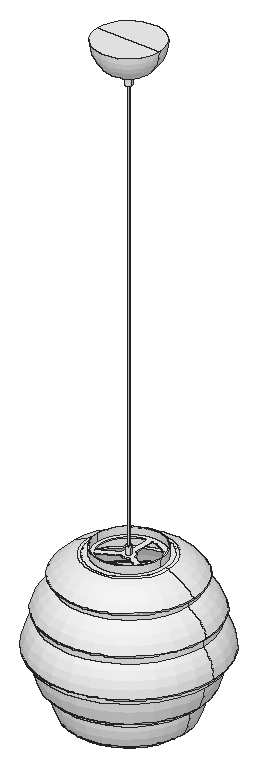
Revit family "Artek_Lighting_Pendant Light A331 “Beehive“_A331 Beehive_quick_ship", category Lighting Fixtures, Revit 2018 (continued)
Definition of nested family "A331"
  Lines and regions (mm)
    symbolic lines, detail levels fine
      curve 336: spline (18.353, 0, 175.573) -> (18.021, 0, 175.776) -> (17.71, 0, 176.373) -> (17.444, 0, 177.322) -> (17.24, 0, 178.559) -> (17.111, 0, 179.999) -> (17.068, 0, 181.545) -> (17.111, 0, 183.091) -> (17.24, 0, 184.532) -> (17.444, 0, 185.769) -> (17.71, 0, 186.718) -> (18.021, 0, 187.314) -> (18.353, 0, 187.518) -> (18.686, 0, 187.314) -> (18.996, 0, 186.718) -> (19.262, 0, 185.769) -> (19.467, 0, 184.532) -> (19.595, 0, 183.091) -> (19.639, 0, 181.545) -> (19.595, 0, 179.999) -> (19.467, 0, 178.559) -> (19.262, 0, 177.322) -> (18.996, 0, 176.373) -> (18.686, 0, 175.776) -> (18.353, 0, 175.573)
      curve 337: spline (14.282, 0, 175.573) -> (13.949, 0, 175.776) -> (13.639, 0, 176.373) -> (13.373, 0, 177.322) -> (13.168, 0, 178.559) -> (13.04, 0, 179.999) -> (12.996, 0, 181.545) -> (13.04, 0, 183.091) -> (13.168, 0, 184.532) -> (13.373, 0, 185.769) -> (13.639, 0, 186.718) -> (13.949, 0, 187.314) -> (14.282, 0, 187.518) -> (14.615, 0, 187.314) -> (14.925, 0, 186.718) -> (15.191, 0, 185.769) -> (15.395, 0, 184.532) -> (15.524, 0, 183.091) -> (15.568, 0, 181.545) -> (15.524, 0, 179.999) -> (15.395, 0, 178.559) -> (15.191, 0, 177.322) -> (14.925, 0, 176.373) -> (14.615, 0, 175.776) -> (14.282, 0, 175.573)
      curve 338: spline (10.21, 0, 175.573) -> (9.877, 0, 175.776) -> (9.567, 0, 176.373) -> (9.301, 0, 177.322) -> (9.097, 0, 178.559) -> (8.968, 0, 179.999) -> (8.924, 0, 181.545) -> (8.968, 0, 183.091) -> (9.097, 0, 184.532) -> (9.301, 0, 185.769) -> (9.567, 0, 186.718) -> (9.877, 0, 187.314) -> (10.21, 0, 187.518) -> (10.543, 0, 187.314) -> (10.853, 0, 186.718) -> (11.119, 0, 185.769) -> (11.324, 0, 184.532) -> (11.452, 0, 183.091) -> (11.496, 0, 181.545) -> (11.452, 0, 179.999) -> (11.324, 0, 178.559) -> (11.119, 0, 177.322) -> (10.853, 0, 176.373) -> (10.543, 0, 175.776) -> (10.21, 0, 175.573)
      curve 339: spline (6.139, 0, 175.573) -> (5.806, 0, 175.776) -> (5.496, 0, 176.373) -> (5.229, 0, 177.322) -> (5.025, 0, 178.559) -> (4.897, 0, 179.999) -> (4.853, 0, 181.545) -> (4.897, 0, 183.091) -> (5.025, 0, 184.532) -> (5.229, 0, 185.769) -> (5.496, 0, 186.718) -> (5.806, 0, 187.314) -> (6.139, 0, 187.518) -> (6.471, 0, 187.314) -> (6.782, 0, 186.718) -> (7.048, 0, 185.769) -> (7.252, 0, 184.532) -> (7.381, 0, 183.091) -> (7.424, 0, 181.545) -> (7.381, 0, 179.999) -> (7.252, 0, 178.559) -> (7.048, 0, 177.322) -> (6.782, 0, 176.373) -> (6.471, 0, 175.776) -> (6.139, 0, 175.573)
      curve 340: spline (2.067, 0, 175.573) -> (1.734, 0, 175.776) -> (1.424, 0, 176.373) -> (1.158, 0, 177.322) -> (0.954, 0, 178.559) -> (0.825, 0, 179.999) -> (0.781, 0, 181.545) -> (0.825, 0, 183.091) -> (0.954, 0, 184.532) -> (1.158, 0, 185.769) -> (1.424, 0, 186.718) -> (1.734, 0, 187.314) -> (2.067, 0, 187.518) -> (2.4, 0, 187.314) -> (2.71, 0, 186.718) -> (2.976, 0, 185.769) -> (3.181, 0, 184.532) -> (3.309, 0, 183.091) -> (3.353, 0, 181.545) -> (3.309, 0, 179.999) -> (3.181, 0, 178.559) -> (2.976, 0, 177.322) -> (2.71, 0, 176.373) -> (2.4, 0, 175.776) -> (2.067, 0, 175.573)
      curve 341: spline (-152.628, 0, 109.007) -> (-152.295, 0, 109.21) -> (-151.985, 0, 109.807) -> (-151.719, 0, 110.756) -> (-151.514, 0, 111.993) -> (-151.386, 0, 113.434) -> (-151.342, 0, 114.979) -> (-151.386, 0, 116.525) -> (-151.514, 0, 117.966) -> (-151.719, 0, 119.203) -> (-151.985, 0, 120.152) -> (-152.295, 0, 120.749) -> (-152.628, 0, 120.952) -> (-152.961, 0, 120.749) -> (-153.271, 0, 120.152) -> (-153.537, 0, 119.203) -> (-153.741, 0, 117.966) -> (-153.87, 0, 116.525) -> (-153.914, 0, 114.979) -> (-153.87, 0, 113.434) -> (-153.741, 0, 111.993) -> (-153.537, 0, 110.756) -> (-153.271, 0, 109.807) -> (-152.961, 0, 109.21) -> (-152.628, 0, 109.007)
      curve 342: spline (-148.556, 0, 109.007) -> (-148.224, 0, 109.21) -> (-147.914, 0, 109.807) -> (-147.647, 0, 110.756) -> (-147.443, 0, 111.993) -> (-147.314, 0, 113.434) -> (-147.271, 0, 114.979) -> (-147.314, 0, 116.525) -> (-147.443, 0, 117.966) -> (-147.647, 0, 119.203) -> (-147.914, 0, 120.152) -> (-148.224, 0, 120.749) -> (-148.556, 0, 120.952) -> (-148.889, 0, 120.749) -> (-149.199, 0, 120.152) -> (-149.466, 0, 119.203) -> (-149.67, 0, 117.966) -> (-149.798, 0, 116.525) -> (-149.842, 0, 114.979) -> (-149.798, 0, 113.434) -> (-149.67, 0, 111.993) -> (-149.466, 0, 110.756) -> (-149.199, 0, 109.807) -> (-148.889, 0, 109.21) -> (-148.556, 0, 109.007)
      curve 343: spline (-144.485, 0, 109.007) -> (-144.152, 0, 109.21) -> (-143.842, 0, 109.807) -> (-143.576, 0, 110.756) -> (-143.371, 0, 111.993) -> (-143.243, 0, 113.434) -> (-143.199, 0, 114.979) -> (-143.243, 0, 116.525) -> (-143.371, 0, 117.966) -> (-143.576, 0, 119.203) -> (-143.842, 0, 120.152) -> (-144.152, 0, 120.749) -> (-144.485, 0, 120.952) -> (-144.818, 0, 120.749) -> (-145.128, 0, 120.152) -> (-145.394, 0, 119.203) -> (-145.598, 0, 117.966) -> (-145.727, 0, 116.525) -> (-145.771, 0, 114.979) -> (-145.727, 0, 113.434) -> (-145.598, 0, 111.993) -> (-145.394, 0, 110.756) -> (-145.128, 0, 109.807) -> (-144.818, 0, 109.21) -> (-144.485, 0, 109.007)
      curve 344: spline (-140.413, 0, 109.007) -> (-140.08, 0, 109.21) -> (-139.77, 0, 109.807) -> (-139.504, 0, 110.756) -> (-139.3, 0, 111.993) -> (-139.171, 0, 113.434) -> (-139.128, 0, 114.979) -> (-139.171, 0, 116.525) -> (-139.3, 0, 117.966) -> (-139.504, 0, 119.203) -> (-139.77, 0, 120.152) -> (-140.08, 0, 120.749) -> (-140.413, 0, 120.952) -> (-140.746, 0, 120.749) -> (-141.056, 0, 120.152) -> (-141.322, 0, 119.203) -> (-141.527, 0, 117.966) -> (-141.655, 0, 116.525) -> (-141.699, 0, 114.979) -> (-141.655, 0, 113.434) -> (-141.527, 0, 111.993) -> (-141.322, 0, 110.756) -> (-141.056, 0, 109.807) -> (-140.746, 0, 109.21) -> (-140.413, 0, 109.007)
      curve 345: spline (-136.342, 0, 109.007) -> (-136.009, 0, 109.21) -> (-135.699, 0, 109.807) -> (-135.433, 0, 110.756) -> (-135.228, 0, 111.993) -> (-135.1, 0, 113.434) -> (-135.056, 0, 114.979) -> (-135.1, 0, 116.525) -> (-135.228, 0, 117.966) -> (-135.433, 0, 119.203) -> (-135.699, 0, 120.152) -> (-136.009, 0, 120.749) -> (-136.342, 0, 120.952) -> (-136.675, 0, 120.749) -> (-136.985, 0, 120.152) -> (-137.251, 0, 119.203) -> (-137.455, 0, 117.966) -> (-137.584, 0, 116.525) -> (-137.628, 0, 114.979) -> (-137.584, 0, 113.434) -> (-137.455, 0, 111.993) -> (-137.251, 0, 110.756) -> (-136.985, 0, 109.807) -> (-136.675, 0, 109.21) -> (-136.342, 0, 109.007)
      curve 346: spline (-132.27, 0, 109.007) -> (-131.937, 0, 109.21) -> (-131.627, 0, 109.807) -> (-131.361, 0, 110.756) -> (-131.157, 0, 111.993) -> (-131.028, 0, 113.434) -> (-130.984, 0, 114.979) -> (-131.028, 0, 116.525) -> (-131.157, 0, 117.966) -> (-131.361, 0, 119.203) -> (-131.627, 0, 120.152) -> (-131.937, 0, 120.749) -> (-132.27, 0, 120.952) -> (-132.603, 0, 120.749) -> (-132.913, 0, 120.152) -> (-133.179, 0, 119.203) -> (-133.384, 0, 117.966) -> (-133.512, 0, 116.525) -> (-133.556, 0, 114.979) -> (-133.512, 0, 113.434) -> (-133.384, 0, 111.993) -> (-133.179, 0, 110.756) -> (-132.913, 0, 109.807) -> (-132.603, 0, 109.21) -> (-132.27, 0, 109.007)
      curve 347: spline (-128.199, 0, 109.007) -> (-127.866, 0, 109.21) -> (-127.556, 0, 109.807) -> (-127.289, 0, 110.756) -> (-127.085, 0, 111.993) -> (-126.957, 0, 113.434) -> (-126.913, 0, 114.979) -> (-126.957, 0, 116.525) -> (-127.085, 0, 117.966) -> (-127.289, 0, 119.203) -> (-127.556, 0, 120.152) -> (-127.866, 0, 120.749) -> (-128.199, 0, 120.952) -> (-128.531, 0, 120.749) -> (-128.841, 0, 120.152) -> (-129.108, 0, 119.203) -> (-129.312, 0, 117.966) -> (-129.441, 0, 116.525) -> (-129.484, 0, 114.979) -> (-129.441, 0, 113.434) -> (-129.312, 0, 111.993) -> (-129.108, 0, 110.756) -> (-128.841, 0, 109.807) -> (-128.531, 0, 109.21) -> (-128.199, 0, 109.007)
      curve 348: spline (-124.127, 0, 109.007) -> (-123.794, 0, 109.21) -> (-123.484, 0, 109.807) -> (-123.218, 0, 110.756) -> (-123.014, 0, 111.993) -> (-122.885, 0, 113.434) -> (-122.841, 0, 114.979) -> (-122.885, 0, 116.525) -> (-123.014, 0, 117.966) -> (-123.218, 0, 119.203) -> (-123.484, 0, 120.152) -> (-123.794, 0, 120.749) -> (-124.127, 0, 120.952) -> (-124.46, 0, 120.749) -> (-124.77, 0, 120.152) -> (-125.036, 0, 119.203) -> (-125.241, 0, 117.966) -> (-125.369, 0, 116.525) -> (-125.413, 0, 114.979) -> (-125.369, 0, 113.434) -> (-125.241, 0, 111.993) -> (-125.036, 0, 110.756) -> (-124.77, 0, 109.807) -> (-124.46, 0, 109.21) -> (-124.127, 0, 109.007)
      curve 349: spline (-120.055, 0, 109.007) -> (-119.723, 0, 109.21) -> (-119.413, 0, 109.807) -> (-119.146, 0, 110.756) -> (-118.942, 0, 111.993) -> (-118.814, 0, 113.434) -> (-118.77, 0, 114.979) -> (-118.814, 0, 116.525) -> (-118.942, 0, 117.966) -> (-119.146, 0, 119.203) -> (-119.413, 0, 120.152) -> (-119.723, 0, 120.749) -> (-120.055, 0, 120.952) -> (-120.388, 0, 120.749) -> (-120.698, 0, 120.152) -> (-120.965, 0, 119.203) -> (-121.169, 0, 117.966) -> (-121.297, 0, 116.525) -> (-121.341, 0, 114.979) -> (-121.297, 0, 113.434) -> (-121.169, 0, 111.993) -> (-120.965, 0, 110.756) -> (-120.698, 0, 109.807) -> (-120.388, 0, 109.21) -> (-120.055, 0, 109.007)
      curve 350: spline (-115.984, 0, 109.007) -> (-115.651, 0, 109.21) -> (-115.341, 0, 109.807) -> (-115.075, 0, 110.756) -> (-114.87, 0, 111.993) -> (-114.742, 0, 113.434) -> (-114.698, 0, 114.979) -> (-114.742, 0, 116.525) -> (-114.87, 0, 117.966) -> (-115.075, 0, 119.203) -> (-115.341, 0, 120.152) -> (-115.651, 0, 120.749) -> (-115.984, 0, 120.952) -> (-116.317, 0, 120.749) -> (-116.627, 0, 120.152) -> (-116.893, 0, 119.203) -> (-117.097, 0, 117.966) -> (-117.226, 0, 116.525) -> (-117.27, 0, 114.979) -> (-117.226, 0, 113.434) -> (-117.097, 0, 111.993) -> (-116.893, 0, 110.756) -> (-116.627, 0, 109.807) -> (-116.317, 0, 109.21) -> (-115.984, 0, 109.007)
      curve 351: spline (-111.912, 0, 109.007) -> (-111.58, 0, 109.21) -> (-111.269, 0, 109.807) -> (-111.003, 0, 110.756) -> (-110.799, 0, 111.993) -> (-110.67, 0, 113.434) -> (-110.627, 0, 114.979) -> (-110.67, 0, 116.525) -> (-110.799, 0, 117.966) -> (-111.003, 0, 119.203) -> (-111.269, 0, 120.152) -> (-111.58, 0, 120.749) -> (-111.912, 0, 120.952) -> (-112.245, 0, 120.749) -> (-112.555, 0, 120.152) -> (-112.822, 0, 119.203) -> (-113.026, 0, 117.966) -> (-113.154, 0, 116.525) -> (-113.198, 0, 114.979) -> (-113.154, 0, 113.434) -> (-113.026, 0, 111.993) -> (-112.822, 0, 110.756) -> (-112.555, 0, 109.807) -> (-112.245, 0, 109.21) -> (-111.912, 0, 109.007)
      curve 352: spline (-107.841, 0, 109.007) -> (-107.508, 0, 109.21) -> (-107.198, 0, 109.807) -> (-106.932, 0, 110.756) -> (-106.727, 0, 111.993) -> (-106.599, 0, 113.434) -> (-106.555, 0, 114.979) -> (-106.599, 0, 116.525) -> (-106.727, 0, 117.966) -> (-106.932, 0, 119.203) -> (-107.198, 0, 120.152) -> (-107.508, 0, 120.749) -> (-107.841, 0, 120.952) -> (-108.174, 0, 120.749) -> (-108.484, 0, 120.152) -> (-108.75, 0, 119.203) -> (-108.954, 0, 117.966) -> (-109.083, 0, 116.525) -> (-109.127, 0, 114.979) -> (-109.083, 0, 113.434) -> (-108.954, 0, 111.993) -> (-108.75, 0, 110.756) -> (-108.484, 0, 109.807) -> (-108.174, 0, 109.21) -> (-107.841, 0, 109.007)
      curve 353: spline (-103.769, 0, 109.007) -> (-103.436, 0, 109.21) -> (-103.126, 0, 109.807) -> (-102.86, 0, 110.756) -> (-102.656, 0, 111.993) -> (-102.527, 0, 113.434) -> (-102.483, 0, 114.979) -> (-102.527, 0, 116.525) -> (-102.656, 0, 117.966) -> (-102.86, 0, 119.203) -> (-103.126, 0, 120.152) -> (-103.436, 0, 120.749) -> (-103.769, 0, 120.952) -> (-104.102, 0, 120.749) -> (-104.412, 0, 120.152) -> (-104.678, 0, 119.203) -> (-104.883, 0, 117.966) -> (-105.011, 0, 116.525) -> (-105.055, 0, 114.979) -> (-105.011, 0, 113.434) -> (-104.883, 0, 111.993) -> (-104.678, 0, 110.756) -> (-104.412, 0, 109.807) -> (-104.102, 0, 109.21) -> (-103.769, 0, 109.007)
      curve 354: spline (-99.698, 0, 109.007) -> (-99.365, 0, 109.21) -> (-99.055, 0, 109.807) -> (-98.789, 0, 110.756) -> (-98.584, 0, 111.993) -> (-98.456, 0, 113.434) -> (-98.412, 0, 114.979) -> (-98.456, 0, 116.525) -> (-98.584, 0, 117.966) -> (-98.789, 0, 119.203) -> (-99.055, 0, 120.152) -> (-99.365, 0, 120.749) -> (-99.698, 0, 120.952) -> (-100.03, 0, 120.749) -> (-100.341, 0, 120.152) -> (-100.607, 0, 119.203) -> (-100.811, 0, 117.966) -> (-100.94, 0, 116.525) -> (-100.983, 0, 114.979) -> (-100.94, 0, 113.434) -> (-100.811, 0, 111.993) -> (-100.607, 0, 110.756) -> (-100.341, 0, 109.807) -> (-100.03, 0, 109.21) -> (-99.698, 0, 109.007)
      curve 355: spline (-95.626, 0, 109.007) -> (-95.293, 0, 109.21) -> (-94.983, 0, 109.807) -> (-94.717, 0, 110.756) -> (-94.513, 0, 111.993) -> (-94.384, 0, 113.434) -> (-94.34, 0, 114.979) -> (-94.384, 0, 116.525) -> (-94.513, 0, 117.966) -> (-94.717, 0, 119.203) -> (-94.983, 0, 120.152) -> (-95.293, 0, 120.749) -> (-95.626, 0, 120.952) -> (-95.959, 0, 120.749) -> (-96.269, 0, 120.152) -> (-96.535, 0, 119.203) -> (-96.74, 0, 117.966) -> (-96.868, 0, 116.525) -> (-96.912, 0, 114.979) -> (-96.868, 0, 113.434) -> (-96.74, 0, 111.993) -> (-96.535, 0, 110.756) -> (-96.269, 0, 109.807) -> (-95.959, 0, 109.21) -> (-95.626, 0, 109.007)
      curve 356: spline (-91.555, 0, 109.007) -> (-91.222, 0, 109.21) -> (-90.912, 0, 109.807) -> (-90.645, 0, 110.756) -> (-90.441, 0, 111.993) -> (-90.313, 0, 113.434) -> (-90.269, 0, 114.979) -> (-90.313, 0, 116.525) -> (-90.441, 0, 117.966) -> (-90.645, 0, 119.203) -> (-90.912, 0, 120.152) -> (-91.222, 0, 120.749) -> (-91.555, 0, 120.952) -> (-91.887, 0, 120.749) -> (-92.197, 0, 120.152) -> (-92.464, 0, 119.203) -> (-92.668, 0, 117.966) -> (-92.797, 0, 116.525) -> (-92.84, 0, 114.979) -> (-92.797, 0, 113.434) -> (-92.668, 0, 111.993) -> (-92.464, 0, 110.756) -> (-92.197, 0, 109.807) -> (-91.887, 0, 109.21) -> (-91.555, 0, 109.007)
      curve 357: spline (-87.483, 0, 109.007) -> (-87.15, 0, 109.21) -> (-86.84, 0, 109.807) -> (-86.574, 0, 110.756) -> (-86.369, 0, 111.993) -> (-86.241, 0, 113.434) -> (-86.197, 0, 114.979) -> (-86.241, 0, 116.525) -> (-86.369, 0, 117.966) -> (-86.574, 0, 119.203) -> (-86.84, 0, 120.152) -> (-87.15, 0, 120.749) -> (-87.483, 0, 120.952) -> (-87.816, 0, 120.749) -> (-88.126, 0, 120.152) -> (-88.392, 0, 119.203) -> (-88.597, 0, 117.966) -> (-88.725, 0, 116.525) -> (-88.769, 0, 114.979) -> (-88.725, 0, 113.434) -> (-88.597, 0, 111.993) -> (-88.392, 0, 110.756) -> (-88.126, 0, 109.807) -> (-87.816, 0, 109.21) -> (-87.483, 0, 109.007)
      curve 358: spline (-83.411, 0, 109.007) -> (-83.079, 0, 109.21) -> (-82.769, 0, 109.807) -> (-82.502, 0, 110.756) -> (-82.298, 0, 111.993) -> (-82.169, 0, 113.434) -> (-82.126, 0, 114.979) -> (-82.169, 0, 116.525) -> (-82.298, 0, 117.966) -> (-82.502, 0, 119.203) -> (-82.769, 0, 120.152) -> (-83.079, 0, 120.749) -> (-83.411, 0, 120.952) -> (-83.744, 0, 120.749) -> (-84.054, 0, 120.152) -> (-84.321, 0, 119.203) -> (-84.525, 0, 117.966) -> (-84.653, 0, 116.525) -> (-84.697, 0, 114.979) -> (-84.653, 0, 113.434) -> (-84.525, 0, 111.993) -> (-84.321, 0, 110.756) -> (-84.054, 0, 109.807) -> (-83.744, 0, 109.21) -> (-83.411, 0, 109.007)
      curve 359: spline (-79.34, 0, 109.007) -> (-79.007, 0, 109.21) -> (-78.697, 0, 109.807) -> (-78.431, 0, 110.756) -> (-78.226, 0, 111.993) -> (-78.098, 0, 113.434) -> (-78.054, 0, 114.979) -> (-78.098, 0, 116.525) -> (-78.226, 0, 117.966) -> (-78.431, 0, 119.203) -> (-78.697, 0, 120.152) -> (-79.007, 0, 120.749) -> (-79.34, 0, 120.952) -> (-79.673, 0, 120.749) -> (-79.983, 0, 120.152) -> (-80.249, 0, 119.203) -> (-80.453, 0, 117.966) -> (-80.582, 0, 116.525) -> (-80.626, 0, 114.979) -> (-80.582, 0, 113.434) -> (-80.453, 0, 111.993) -> (-80.249, 0, 110.756) -> (-79.983, 0, 109.807) -> (-79.673, 0, 109.21) -> (-79.34, 0, 109.007)
      curve 360: spline (-75.268, 0, 109.007) -> (-74.936, 0, 109.21) -> (-74.625, 0, 109.807) -> (-74.359, 0, 110.756) -> (-74.155, 0, 111.993) -> (-74.026, 0, 113.434) -> (-73.983, 0, 114.979) -> (-74.026, 0, 116.525) -> (-74.155, 0, 117.966) -> (-74.359, 0, 119.203) -> (-74.625, 0, 120.152) -> (-74.936, 0, 120.749) -> (-75.268, 0, 120.952) -> (-75.601, 0, 120.749) -> (-75.911, 0, 120.152) -> (-76.178, 0, 119.203) -> (-76.382, 0, 117.966) -> (-76.51, 0, 116.525) -> (-76.554, 0, 114.979) -> (-76.51, 0, 113.434) -> (-76.382, 0, 111.993) -> (-76.178, 0, 110.756) -> (-75.911, 0, 109.807) -> (-75.601, 0, 109.21) -> (-75.268, 0, 109.007)
      curve 361: spline (-71.197, 0, 109.007) -> (-70.864, 0, 109.21) -> (-70.554, 0, 109.807) -> (-70.288, 0, 110.756) -> (-70.083, 0, 111.993) -> (-69.955, 0, 113.434) -> (-69.911, 0, 114.979) -> (-69.955, 0, 116.525) -> (-70.083, 0, 117.966) -> (-70.288, 0, 119.203) -> (-70.554, 0, 120.152) -> (-70.864, 0, 120.749) -> (-71.197, 0, 120.952) -> (-71.53, 0, 120.749) -> (-71.84, 0, 120.152) -> (-72.106, 0, 119.203) -> (-72.31, 0, 117.966) -> (-72.439, 0, 116.525) -> (-72.483, 0, 114.979) -> (-72.439, 0, 113.434) -> (-72.31, 0, 111.993) -> (-72.106, 0, 110.756) -> (-71.84, 0, 109.807) -> (-71.53, 0, 109.21) -> (-71.197, 0, 109.007)
      curve 362: spline (-67.125, 0, 109.007) -> (-66.792, 0, 109.21) -> (-66.482, 0, 109.807) -> (-66.216, 0, 110.756) -> (-66.012, 0, 111.993) -> (-65.883, 0, 113.434) -> (-65.839, 0, 114.979) -> (-65.883, 0, 116.525) -> (-66.012, 0, 117.966) -> (-66.216, 0, 119.203) -> (-66.482, 0, 120.152) -> (-66.792, 0, 120.749) -> (-67.125, 0, 120.952) -> (-67.458, 0, 120.749) -> (-67.768, 0, 120.152) -> (-68.034, 0, 119.203) -> (-68.239, 0, 117.966) -> (-68.367, 0, 116.525) -> (-68.411, 0, 114.979) -> (-68.367, 0, 113.434) -> (-68.239, 0, 111.993) -> (-68.034, 0, 110.756) -> (-67.768, 0, 109.807) -> (-67.458, 0, 109.21) -> (-67.125, 0, 109.007)
      curve 363: spline (-63.054, 0, 109.007) -> (-62.721, 0, 109.21) -> (-62.411, 0, 109.807) -> (-62.144, 0, 110.756) -> (-61.94, 0, 111.993) -> (-61.812, 0, 113.434) -> (-61.768, 0, 114.979) -> (-61.812, 0, 116.525) -> (-61.94, 0, 117.966) -> (-62.144, 0, 119.203) -> (-62.411, 0, 120.152) -> (-62.721, 0, 120.749) -> (-63.054, 0, 120.952) -> (-63.386, 0, 120.749) -> (-63.697, 0, 120.152) -> (-63.963, 0, 119.203) -> (-64.167, 0, 117.966) -> (-64.296, 0, 116.525) -> (-64.339, 0, 114.979) -> (-64.296, 0, 113.434) -> (-64.167, 0, 111.993) -> (-63.963, 0, 110.756) -> (-63.697, 0, 109.807) -> (-63.386, 0, 109.21) -> (-63.054, 0, 109.007)
      curve 364: spline (-58.982, 0, 109.007) -> (-58.649, 0, 109.21) -> (-58.339, 0, 109.807) -> (-58.073, 0, 110.756) -> (-57.869, 0, 111.993) -> (-57.74, 0, 113.434) -> (-57.696, 0, 114.979) -> (-57.74, 0, 116.525) -> (-57.869, 0, 117.966) -> (-58.073, 0, 119.203) -> (-58.339, 0, 120.152) -> (-58.649, 0, 120.749) -> (-58.982, 0, 120.952) -> (-59.315, 0, 120.749) -> (-59.625, 0, 120.152) -> (-59.891, 0, 119.203) -> (-60.096, 0, 117.966) -> (-60.224, 0, 116.525) -> (-60.268, 0, 114.979) -> (-60.224, 0, 113.434) -> (-60.096, 0, 111.993) -> (-59.891, 0, 110.756) -> (-59.625, 0, 109.807) -> (-59.315, 0, 109.21) -> (-58.982, 0, 109.007)
      curve 365: spline (-54.911, 0, 109.007) -> (-54.578, 0, 109.21) -> (-54.268, 0, 109.807) -> (-54.001, 0, 110.756) -> (-53.797, 0, 111.993) -> (-53.669, 0, 113.434) -> (-53.625, 0, 114.979) -> (-53.669, 0, 116.525) -> (-53.797, 0, 117.966) -> (-54.001, 0, 119.203) -> (-54.268, 0, 120.152) -> (-54.578, 0, 120.749) -> (-54.911, 0, 120.952) -> (-55.243, 0, 120.749) -> (-55.553, 0, 120.152) -> (-55.82, 0, 119.203) -> (-56.024, 0, 117.966) -> (-56.153, 0, 116.525) -> (-56.196, 0, 114.979) -> (-56.153, 0, 113.434) -> (-56.024, 0, 111.993) -> (-55.82, 0, 110.756) -> (-55.553, 0, 109.807) -> (-55.243, 0, 109.21) -> (-54.911, 0, 109.007)
      curve 366: spline (-50.839, 0, 109.007) -> (-50.506, 0, 109.21) -> (-50.196, 0, 109.807) -> (-49.93, 0, 110.756) -> (-49.725, 0, 111.993) -> (-49.597, 0, 113.434) -> (-49.553, 0, 114.979) -> (-49.597, 0, 116.525) -> (-49.725, 0, 117.966) -> (-49.93, 0, 119.203) -> (-50.196, 0, 120.152) -> (-50.506, 0, 120.749) -> (-50.839, 0, 120.952) -> (-51.172, 0, 120.749) -> (-51.482, 0, 120.152) -> (-51.748, 0, 119.203) -> (-51.953, 0, 117.966) -> (-52.081, 0, 116.525) -> (-52.125, 0, 114.979) -> (-52.081, 0, 113.434) -> (-51.953, 0, 111.993) -> (-51.748, 0, 110.756) -> (-51.482, 0, 109.807) -> (-51.172, 0, 109.21) -> (-50.839, 0, 109.007)
      curve 367: spline (-46.767, 0, 109.007) -> (-46.435, 0, 109.21) -> (-46.125, 0, 109.807) -> (-45.858, 0, 110.756) -> (-45.654, 0, 111.993) -> (-45.525, 0, 113.434) -> (-45.482, 0, 114.979) -> (-45.525, 0, 116.525) -> (-45.654, 0, 117.966) -> (-45.858, 0, 119.203) -> (-46.125, 0, 120.152) -> (-46.435, 0, 120.749) -> (-46.767, 0, 120.952) -> (-47.1, 0, 120.749) -> (-47.41, 0, 120.152) -> (-47.677, 0, 119.203) -> (-47.881, 0, 117.966) -> (-48.009, 0, 116.525) -> (-48.053, 0, 114.979) -> (-48.009, 0, 113.434) -> (-47.881, 0, 111.993) -> (-47.677, 0, 110.756) -> (-47.41, 0, 109.807) -> (-47.1, 0, 109.21) -> (-46.767, 0, 109.007)
      curve 368: spline (-42.696, 0, 109.007) -> (-42.363, 0, 109.21) -> (-42.053, 0, 109.807) -> (-41.787, 0, 110.756) -> (-41.582, 0, 111.993) -> (-41.454, 0, 113.434) -> (-41.41, 0, 114.979) -> (-41.454, 0, 116.525) -> (-41.582, 0, 117.966) -> (-41.787, 0, 119.203) -> (-42.053, 0, 120.152) -> (-42.363, 0, 120.749) -> (-42.696, 0, 120.952) -> (-43.029, 0, 120.749) -> (-43.339, 0, 120.152) -> (-43.605, 0, 119.203) -> (-43.809, 0, 117.966) -> (-43.938, 0, 116.525) -> (-43.982, 0, 114.979) -> (-43.938, 0, 113.434) -> (-43.809, 0, 111.993) -> (-43.605, 0, 110.756) -> (-43.339, 0, 109.807) -> (-43.029, 0, 109.21) -> (-42.696, 0, 109.007)
      curve 369: spline (-38.624, 0, 109.007) -> (-38.292, 0, 109.21) -> (-37.981, 0, 109.807) -> (-37.715, 0, 110.756) -> (-37.511, 0, 111.993) -> (-37.382, 0, 113.434) -> (-37.339, 0, 114.979) -> (-37.382, 0, 116.525) -> (-37.511, 0, 117.966) -> (-37.715, 0, 119.203) -> (-37.981, 0, 120.152) -> (-38.292, 0, 120.749) -> (-38.624, 0, 120.952) -> (-38.957, 0, 120.749) -> (-39.267, 0, 120.152) -> (-39.533, 0, 119.203) -> (-39.738, 0, 117.966) -> (-39.866, 0, 116.525) -> (-39.91, 0, 114.979) -> (-39.866, 0, 113.434) -> (-39.738, 0, 111.993) -> (-39.533, 0, 110.756) -> (-39.267, 0, 109.807) -> (-38.957, 0, 109.21) -> (-38.624, 0, 109.007)
      curve 370: spline (-34.553, 0, 109.007) -> (-34.22, 0, 109.21) -> (-33.91, 0, 109.807) -> (-33.644, 0, 110.756) -> (-33.439, 0, 111.993) -> (-33.311, 0, 113.434) -> (-33.267, 0, 114.979) -> (-33.311, 0, 116.525) -> (-33.439, 0, 117.966) -> (-33.644, 0, 119.203) -> (-33.91, 0, 120.152) -> (-34.22, 0, 120.749) -> (-34.553, 0, 120.952) -> (-34.886, 0, 120.749) -> (-35.196, 0, 120.152) -> (-35.462, 0, 119.203) -> (-35.666, 0, 117.966) -> (-35.795, 0, 116.525) -> (-35.839, 0, 114.979) -> (-35.795, 0, 113.434) -> (-35.666, 0, 111.993) -> (-35.462, 0, 110.756) -> (-35.196, 0, 109.807) -> (-34.886, 0, 109.21) -> (-34.553, 0, 109.007)
      curve 371: spline (-30.481, 0, 109.007) -> (-30.148, 0, 109.21) -> (-29.838, 0, 109.807) -> (-29.572, 0, 110.756) -> (-29.368, 0, 111.993) -> (-29.239, 0, 113.434) -> (-29.195, 0, 114.979) -> (-29.239, 0, 116.525) -> (-29.368, 0, 117.966) -> (-29.572, 0, 119.203) -> (-29.838, 0, 120.152) -> (-30.148, 0, 120.749) -> (-30.481, 0, 120.952) -> (-30.814, 0, 120.749) -> (-31.124, 0, 120.152) -> (-31.39, 0, 119.203) -> (-31.595, 0, 117.966) -> (-31.723, 0, 116.525) -> (-31.767, 0, 114.979) -> (-31.723, 0, 113.434) -> (-31.595, 0, 111.993) -> (-31.39, 0, 110.756) -> (-31.124, 0, 109.807) -> (-30.814, 0, 109.21) -> (-30.481, 0, 109.007)
      curve 372: spline (-26.41, 0, 109.007) -> (-26.077, 0, 109.21) -> (-25.767, 0, 109.807) -> (-25.5, 0, 110.756) -> (-25.296, 0, 111.993) -> (-25.168, 0, 113.434) -> (-25.124, 0, 114.979) -> (-25.168, 0, 116.525) -> (-25.296, 0, 117.966) -> (-25.5, 0, 119.203) -> (-25.767, 0, 120.152) -> (-26.077, 0, 120.749) -> (-26.41, 0, 120.952) -> (-26.742, 0, 120.749) -> (-27.053, 0, 120.152) -> (-27.319, 0, 119.203) -> (-27.523, 0, 117.966) -> (-27.652, 0, 116.525) -> (-27.695, 0, 114.979) -> (-27.652, 0, 113.434) -> (-27.523, 0, 111.993) -> (-27.319, 0, 110.756) -> (-27.053, 0, 109.807) -> (-26.742, 0, 109.21) -> (-26.41, 0, 109.007)
      curve 373: spline (-22.338, 0, 109.007) -> (-22.005, 0, 109.21) -> (-21.695, 0, 109.807) -> (-21.429, 0, 110.756) -> (-21.225, 0, 111.993) -> (-21.096, 0, 113.434) -> (-21.052, 0, 114.979) -> (-21.096, 0, 116.525) -> (-21.225, 0, 117.966) -> (-21.429, 0, 119.203) -> (-21.695, 0, 120.152) -> (-22.005, 0, 120.749) -> (-22.338, 0, 120.952) -> (-22.671, 0, 120.749) -> (-22.981, 0, 120.152) -> (-23.247, 0, 119.203) -> (-23.452, 0, 117.966) -> (-23.58, 0, 116.525) -> (-23.624, 0, 114.979) -> (-23.58, 0, 113.434) -> (-23.452, 0, 111.993) -> (-23.247, 0, 110.756) -> (-22.981, 0, 109.807) -> (-22.671, 0, 109.21) -> (-22.338, 0, 109.007)
      curve 374: spline (-18.267, 0, 109.007) -> (-17.934, 0, 109.21) -> (-17.624, 0, 109.807) -> (-17.357, 0, 110.756) -> (-17.153, 0, 111.993) -> (-17.025, 0, 113.434) -> (-16.981, 0, 114.979) -> (-17.025, 0, 116.525) -> (-17.153, 0, 117.966) -> (-17.357, 0, 119.203) -> (-17.624, 0, 120.152) -> (-17.934, 0, 120.749) -> (-18.267, 0, 120.952) -> (-18.599, 0, 120.749) -> (-18.909, 0, 120.152) -> (-19.176, 0, 119.203) -> (-19.38, 0, 117.966) -> (-19.508, 0, 116.525) -> (-19.552, 0, 114.979) -> (-19.508, 0, 113.434) -> (-19.38, 0, 111.993) -> (-19.176, 0, 110.756) -> (-18.909, 0, 109.807) -> (-18.599, 0, 109.21) -> (-18.267, 0, 109.007)
      curve 375: spline (-14.195, 0, 109.007) -> (-13.862, 0, 109.21) -> (-13.552, 0, 109.807) -> (-13.286, 0, 110.756) -> (-13.081, 0, 111.993) -> (-12.953, 0, 113.434) -> (-12.909, 0, 114.979) -> (-12.953, 0, 116.525) -> (-13.081, 0, 117.966) -> (-13.286, 0, 119.203) -> (-13.552, 0, 120.152) -> (-13.862, 0, 120.749) -> (-14.195, 0, 120.952) -> (-14.528, 0, 120.749) -> (-14.838, 0, 120.152) -> (-15.104, 0, 119.203) -> (-15.308, 0, 117.966) -> (-15.437, 0, 116.525) -> (-15.481, 0, 114.979) -> (-15.437, 0, 113.434) -> (-15.308, 0, 111.993) -> (-15.104, 0, 110.756) -> (-14.838, 0, 109.807) -> (-14.528, 0, 109.21) -> (-14.195, 0, 109.007)
      curve 376: spline (-10.123, 0, 109.007) -> (-9.791, 0, 109.21) -> (-9.481, 0, 109.807) -> (-9.214, 0, 110.756) -> (-9.01, 0, 111.993) -> (-8.881, 0, 113.434) -> (-8.838, 0, 114.979) -> (-8.881, 0, 116.525) -> (-9.01, 0, 117.966) -> (-9.214, 0, 119.203) -> (-9.481, 0, 120.152) -> (-9.791, 0, 120.749) -> (-10.123, 0, 120.952) -> (-10.456, 0, 120.749) -> (-10.766, 0, 120.152) -> (-11.033, 0, 119.203) -> (-11.237, 0, 117.966) -> (-11.365, 0, 116.525) -> (-11.409, 0, 114.979) -> (-11.365, 0, 113.434) -> (-11.237, 0, 111.993) -> (-11.033, 0, 110.756) -> (-10.766, 0, 109.807) -> (-10.456, 0, 109.21) -> (-10.123, 0, 109.007)
      curve 377: spline (-6.052, 0, 109.007) -> (-5.719, 0, 109.21) -> (-5.409, 0, 109.807) -> (-5.143, 0, 110.756) -> (-4.938, 0, 111.993) -> (-4.81, 0, 113.434) -> (-4.766, 0, 114.979) -> (-4.81, 0, 116.525) -> (-4.938, 0, 117.966) -> (-5.143, 0, 119.203) -> (-5.409, 0, 120.152) -> (-5.719, 0, 120.749) -> (-6.052, 0, 120.952) -> (-6.385, 0, 120.749) -> (-6.695, 0, 120.152) -> (-6.961, 0, 119.203) -> (-7.165, 0, 117.966) -> (-7.294, 0, 116.525) -> (-7.338, 0, 114.979) -> (-7.294, 0, 113.434) -> (-7.165, 0, 111.993) -> (-6.961, 0, 110.756) -> (-6.695, 0, 109.807) -> (-6.385, 0, 109.21) -> (-6.052, 0, 109.007)
      curve 378: spline (-1.98, 0, 109.007) -> (-1.647, 0, 109.21) -> (-1.337, 0, 109.807) -> (-1.071, 0, 110.756) -> (-0.867, 0, 111.993) -> (-0.738, 0, 113.434) -> (-0.694, 0, 114.979) -> (-0.738, 0, 116.525) -> (-0.867, 0, 117.966) -> (-1.071, 0, 119.203) -> (-1.337, 0, 120.152) -> (-1.647, 0, 120.749) -> (-1.98, 0, 120.952) -> (-2.313, 0, 120.749) -> (-2.623, 0, 120.152) -> (-2.889, 0, 119.203) -> (-3.094, 0, 117.966) -> (-3.222, 0, 116.525) -> (-3.266, 0, 114.979) -> (-3.222, 0, 113.434) -> (-3.094, 0, 111.993) -> (-2.889, 0, 110.756) -> (-2.623, 0, 109.807) -> (-2.313, 0, 109.21) -> (-1.98, 0, 109.007)
      curve 379: spline (152.628, 0, 109.007) -> (152.295, 0, 109.21) -> (151.985, 0, 109.807) -> (151.719, 0, 110.756) -> (151.514, 0, 111.993) -> (151.386, 0, 113.434) -> (151.342, 0, 114.979) -> (151.386, 0, 116.525) -> (151.514, 0, 117.966) -> (151.719, 0, 119.203) -> (151.985, 0, 120.152) -> (152.295, 0, 120.749) -> (152.628, 0, 120.952) -> (152.961, 0, 120.749) -> (153.271, 0, 120.152) -> (153.537, 0, 119.203) -> (153.741, 0, 117.966) -> (153.87, 0, 116.525) -> (153.914, 0, 114.979) -> (153.87, 0, 113.434) -> (153.741, 0, 111.993) -> (153.537, 0, 110.756) -> (153.271, 0, 109.807) -> (152.961, 0, 109.21) -> (152.628, 0, 109.007)
      curve 380: spline (148.556, 0, 109.007) -> (148.224, 0, 109.21) -> (147.914, 0, 109.807) -> (147.647, 0, 110.756) -> (147.443, 0, 111.993) -> (147.314, 0, 113.434) -> (147.271, 0, 114.979) -> (147.314, 0, 116.525) -> (147.443, 0, 117.966) -> (147.647, 0, 119.203) -> (147.914, 0, 120.152) -> (148.224, 0, 120.749) -> (148.556, 0, 120.952) -> (148.889, 0, 120.749) -> (149.199, 0, 120.152) -> (149.466, 0, 119.203) -> (149.67, 0, 117.966) -> (149.798, 0, 116.525) -> (149.842, 0, 114.979) -> (149.798, 0, 113.434) -> (149.67, 0, 111.993) -> (149.466, 0, 110.756) -> (149.199, 0, 109.807) -> (148.889, 0, 109.21) -> (148.556, 0, 109.007)
      curve 381: spline (144.485, 0, 109.007) -> (144.152, 0, 109.21) -> (143.842, 0, 109.807) -> (143.576, 0, 110.756) -> (143.371, 0, 111.993) -> (143.243, 0, 113.434) -> (143.199, 0, 114.979) -> (143.243, 0, 116.525) -> (143.371, 0, 117.966) -> (143.576, 0, 119.203) -> (143.842, 0, 120.152) -> (144.152, 0, 120.749) -> (144.485, 0, 120.952) -> (144.818, 0, 120.749) -> (145.128, 0, 120.152) -> (145.394, 0, 119.203) -> (145.598, 0, 117.966) -> (145.727, 0, 116.525) -> (145.771, 0, 114.979) -> (145.727, 0, 113.434) -> (145.598, 0, 111.993) -> (145.394, 0, 110.756) -> (145.128, 0, 109.807) -> (144.818, 0, 109.21) -> (144.485, 0, 109.007)
      curve 382: spline (140.413, 0, 109.007) -> (140.08, 0, 109.21) -> (139.77, 0, 109.807) -> (139.504, 0, 110.756) -> (139.3, 0, 111.993) -> (139.171, 0, 113.434) -> (139.128, 0, 114.979) -> (139.171, 0, 116.525) -> (139.3, 0, 117.966) -> (139.504, 0, 119.203) -> (139.77, 0, 120.152) -> (140.08, 0, 120.749) -> (140.413, 0, 120.952) -> (140.746, 0, 120.749) -> (141.056, 0, 120.152) -> (141.322, 0, 119.203) -> (141.527, 0, 117.966) -> (141.655, 0, 116.525) -> (141.699, 0, 114.979) -> (141.655, 0, 113.434) -> (141.527, 0, 111.993) -> (141.322, 0, 110.756) -> (141.056, 0, 109.807) -> (140.746, 0, 109.21) -> (140.413, 0, 109.007)
      curve 383: spline (136.342, 0, 109.007) -> (136.009, 0, 109.21) -> (135.699, 0, 109.807) -> (135.433, 0, 110.756) -> (135.228, 0, 111.993) -> (135.1, 0, 113.434) -> (135.056, 0, 114.979) -> (135.1, 0, 116.525) -> (135.228, 0, 117.966) -> (135.433, 0, 119.203) -> (135.699, 0, 120.152) -> (136.009, 0, 120.749) -> (136.342, 0, 120.952) -> (136.675, 0, 120.749) -> (136.985, 0, 120.152) -> (137.251, 0, 119.203) -> (137.455, 0, 117.966) -> (137.584, 0, 116.525) -> (137.628, 0, 114.979) -> (137.584, 0, 113.434) -> (137.455, 0, 111.993) -> (137.251, 0, 110.756) -> (136.985, 0, 109.807) -> (136.675, 0, 109.21) -> (136.342, 0, 109.007)
      curve 384: spline (132.27, 0, 109.007) -> (131.937, 0, 109.21) -> (131.627, 0, 109.807) -> (131.361, 0, 110.756) -> (131.157, 0, 111.993) -> (131.028, 0, 113.434) -> (130.984, 0, 114.979) -> (131.028, 0, 116.525) -> (131.157, 0, 117.966) -> (131.361, 0, 119.203) -> (131.627, 0, 120.152) -> (131.937, 0, 120.749) -> (132.27, 0, 120.952) -> (132.603, 0, 120.749) -> (132.913, 0, 120.152) -> (133.179, 0, 119.203) -> (133.384, 0, 117.966) -> (133.512, 0, 116.525) -> (133.556, 0, 114.979) -> (133.512, 0, 113.434) -> (133.384, 0, 111.993) -> (133.179, 0, 110.756) -> (132.913, 0, 109.807) -> (132.603, 0, 109.21) -> (132.27, 0, 109.007)
      curve 385: spline (128.199, 0, 109.007) -> (127.866, 0, 109.21) -> (127.556, 0, 109.807) -> (127.289, 0, 110.756) -> (127.085, 0, 111.993) -> (126.957, 0, 113.434) -> (126.913, 0, 114.979) -> (126.957, 0, 116.525) -> (127.085, 0, 117.966) -> (127.289, 0, 119.203) -> (127.556, 0, 120.152) -> (127.866, 0, 120.749) -> (128.199, 0, 120.952) -> (128.531, 0, 120.749) -> (128.841, 0, 120.152) -> (129.108, 0, 119.203) -> (129.312, 0, 117.966) -> (129.441, 0, 116.525) -> (129.484, 0, 114.979) -> (129.441, 0, 113.434) -> (129.312, 0, 111.993) -> (129.108, 0, 110.756) -> (128.841, 0, 109.807) -> (128.531, 0, 109.21) -> (128.199, 0, 109.007)
      curve 386: spline (124.127, 0, 109.007) -> (123.794, 0, 109.21) -> (123.484, 0, 109.807) -> (123.218, 0, 110.756) -> (123.014, 0, 111.993) -> (122.885, 0, 113.434) -> (122.841, 0, 114.979) -> (122.885, 0, 116.525) -> (123.014, 0, 117.966) -> (123.218, 0, 119.203) -> (123.484, 0, 120.152) -> (123.794, 0, 120.749) -> (124.127, 0, 120.952) -> (124.46, 0, 120.749) -> (124.77, 0, 120.152) -> (125.036, 0, 119.203) -> (125.241, 0, 117.966) -> (125.369, 0, 116.525) -> (125.413, 0, 114.979) -> (125.369, 0, 113.434) -> (125.241, 0, 111.993) -> (125.036, 0, 110.756) -> (124.77, 0, 109.807) -> (124.46, 0, 109.21) -> (124.127, 0, 109.007)
      curve 387: spline (120.055, 0, 109.007) -> (119.723, 0, 109.21) -> (119.413, 0, 109.807) -> (119.146, 0, 110.756) -> (118.942, 0, 111.993) -> (118.814, 0, 113.434) -> (118.77, 0, 114.979) -> (118.814, 0, 116.525) -> (118.942, 0, 117.966) -> (119.146, 0, 119.203) -> (119.413, 0, 120.152) -> (119.723, 0, 120.749) -> (120.055, 0, 120.952) -> (120.388, 0, 120.749) -> (120.698, 0, 120.152) -> (120.965, 0, 119.203) -> (121.169, 0, 117.966) -> (121.297, 0, 116.525) -> (121.341, 0, 114.979) -> (121.297, 0, 113.434) -> (121.169, 0, 111.993) -> (120.965, 0, 110.756) -> (120.698, 0, 109.807) -> (120.388, 0, 109.21) -> (120.055, 0, 109.007)
      curve 388: spline (115.984, 0, 109.007) -> (115.651, 0, 109.21) -> (115.341, 0, 109.807) -> (115.075, 0, 110.756) -> (114.87, 0, 111.993) -> (114.742, 0, 113.434) -> (114.698, 0, 114.979) -> (114.742, 0, 116.525) -> (114.87, 0, 117.966) -> (115.075, 0, 119.203) -> (115.341, 0, 120.152) -> (115.651, 0, 120.749) -> (115.984, 0, 120.952) -> (116.317, 0, 120.749) -> (116.627, 0, 120.152) -> (116.893, 0, 119.203) -> (117.097, 0, 117.966) -> (117.226, 0, 116.525) -> (117.27, 0, 114.979) -> (117.226, 0, 113.434) -> (117.097, 0, 111.993) -> (116.893, 0, 110.756) -> (116.627, 0, 109.807) -> (116.317, 0, 109.21) -> (115.984, 0, 109.007)
      curve 389: spline (111.912, 0, 109.007) -> (111.58, 0, 109.21) -> (111.269, 0, 109.807) -> (111.003, 0, 110.756) -> (110.799, 0, 111.993) -> (110.67, 0, 113.434) -> (110.627, 0, 114.979) -> (110.67, 0, 116.525) -> (110.799, 0, 117.966) -> (111.003, 0, 119.203) -> (111.269, 0, 120.152) -> (111.58, 0, 120.749) -> (111.912, 0, 120.952) -> (112.245, 0, 120.749) -> (112.555, 0, 120.152) -> (112.822, 0, 119.203) -> (113.026, 0, 117.966) -> (113.154, 0, 116.525) -> (113.198, 0, 114.979) -> (113.154, 0, 113.434) -> (113.026, 0, 111.993) -> (112.822, 0, 110.756) -> (112.555, 0, 109.807) -> (112.245, 0, 109.21) -> (111.912, 0, 109.007)
      curve 390: spline (107.841, 0, 109.007) -> (107.508, 0, 109.21) -> (107.198, 0, 109.807) -> (106.932, 0, 110.756) -> (106.727, 0, 111.993) -> (106.599, 0, 113.434) -> (106.555, 0, 114.979) -> (106.599, 0, 116.525) -> (106.727, 0, 117.966) -> (106.932, 0, 119.203) -> (107.198, 0, 120.152) -> (107.508, 0, 120.749) -> (107.841, 0, 120.952) -> (108.174, 0, 120.749) -> (108.484, 0, 120.152) -> (108.75, 0, 119.203) -> (108.954, 0, 117.966) -> (109.083, 0, 116.525) -> (109.127, 0, 114.979) -> (109.083, 0, 113.434) -> (108.954, 0, 111.993) -> (108.75, 0, 110.756) -> (108.484, 0, 109.807) -> (108.174, 0, 109.21) -> (107.841, 0, 109.007)
      curve 391: spline (103.769, 0, 109.007) -> (103.436, 0, 109.21) -> (103.126, 0, 109.807) -> (102.86, 0, 110.756) -> (102.656, 0, 111.993) -> (102.527, 0, 113.434) -> (102.483, 0, 114.979) -> (102.527, 0, 116.525) -> (102.656, 0, 117.966) -> (102.86, 0, 119.203) -> (103.126, 0, 120.152) -> (103.436, 0, 120.749) -> (103.769, 0, 120.952) -> (104.102, 0, 120.749) -> (104.412, 0, 120.152) -> (104.678, 0, 119.203) -> (104.883, 0, 117.966) -> (105.011, 0, 116.525) -> (105.055, 0, 114.979) -> (105.011, 0, 113.434) -> (104.883, 0, 111.993) -> (104.678, 0, 110.756) -> (104.412, 0, 109.807) -> (104.102, 0, 109.21) -> (103.769, 0, 109.007)
      curve 392: spline (99.698, 0, 109.007) -> (99.365, 0, 109.21) -> (99.055, 0, 109.807) -> (98.789, 0, 110.756) -> (98.584, 0, 111.993) -> (98.456, 0, 113.434) -> (98.412, 0, 114.979) -> (98.456, 0, 116.525) -> (98.584, 0, 117.966) -> (98.789, 0, 119.203) -> (99.055, 0, 120.152) -> (99.365, 0, 120.749) -> (99.698, 0, 120.952) -> (100.03, 0, 120.749) -> (100.341, 0, 120.152) -> (100.607, 0, 119.203) -> (100.811, 0, 117.966) -> (100.94, 0, 116.525) -> (100.983, 0, 114.979) -> (100.94, 0, 113.434) -> (100.811, 0, 111.993) -> (100.607, 0, 110.756) -> (100.341, 0, 109.807) -> (100.03, 0, 109.21) -> (99.698, 0, 109.007)
      curve 393: spline (95.626, 0, 109.007) -> (95.293, 0, 109.21) -> (94.983, 0, 109.807) -> (94.717, 0, 110.756) -> (94.513, 0, 111.993) -> (94.384, 0, 113.434) -> (94.34, 0, 114.979) -> (94.384, 0, 116.525) -> (94.513, 0, 117.966) -> (94.717, 0, 119.203) -> (94.983, 0, 120.152) -> (95.293, 0, 120.749) -> (95.626, 0, 120.952) -> (95.959, 0, 120.749) -> (96.269, 0, 120.152) -> (96.535, 0, 119.203) -> (96.74, 0, 117.966) -> (96.868, 0, 116.525) -> (96.912, 0, 114.979) -> (96.868, 0, 113.434) -> (96.74, 0, 111.993) -> (96.535, 0, 110.756) -> (96.269, 0, 109.807) -> (95.959, 0, 109.21) -> (95.626, 0, 109.007)
      curve 394: spline (91.555, 0, 109.007) -> (91.222, 0, 109.21) -> (90.912, 0, 109.807) -> (90.645, 0, 110.756) -> (90.441, 0, 111.993) -> (90.313, 0, 113.434) -> (90.269, 0, 114.979) -> (90.313, 0, 116.525) -> (90.441, 0, 117.966) -> (90.645, 0, 119.203) -> (90.912, 0, 120.152) -> (91.222, 0, 120.749) -> (91.555, 0, 120.952) -> (91.887, 0, 120.749) -> (92.197, 0, 120.152) -> (92.464, 0, 119.203) -> (92.668, 0, 117.966) -> (92.797, 0, 116.525) -> (92.84, 0, 114.979) -> (92.797, 0, 113.434) -> (92.668, 0, 111.993) -> (92.464, 0, 110.756) -> (92.197, 0, 109.807) -> (91.887, 0, 109.21) -> (91.555, 0, 109.007)
      curve 395: spline (87.483, 0, 109.007) -> (87.15, 0, 109.21) -> (86.84, 0, 109.807) -> (86.574, 0, 110.756) -> (86.369, 0, 111.993) -> (86.241, 0, 113.434) -> (86.197, 0, 114.979) -> (86.241, 0, 116.525) -> (86.369, 0, 117.966) -> (86.574, 0, 119.203) -> (86.84, 0, 120.152) -> (87.15, 0, 120.749) -> (87.483, 0, 120.952) -> (87.816, 0, 120.749) -> (88.126, 0, 120.152) -> (88.392, 0, 119.203) -> (88.597, 0, 117.966) -> (88.725, 0, 116.525) -> (88.769, 0, 114.979) -> (88.725, 0, 113.434) -> (88.597, 0, 111.993) -> (88.392, 0, 110.756) -> (88.126, 0, 109.807) -> (87.816, 0, 109.21) -> (87.483, 0, 109.007)
      curve 396: spline (83.411, 0, 109.007) -> (83.079, 0, 109.21) -> (82.769, 0, 109.807) -> (82.502, 0, 110.756) -> (82.298, 0, 111.993) -> (82.169, 0, 113.434) -> (82.126, 0, 114.979) -> (82.169, 0, 116.525) -> (82.298, 0, 117.966) -> (82.502, 0, 119.203) -> (82.769, 0, 120.152) -> (83.079, 0, 120.749) -> (83.411, 0, 120.952) -> (83.744, 0, 120.749) -> (84.054, 0, 120.152) -> (84.321, 0, 119.203) -> (84.525, 0, 117.966) -> (84.653, 0, 116.525) -> (84.697, 0, 114.979) -> (84.653, 0, 113.434) -> (84.525, 0, 111.993) -> (84.321, 0, 110.756) -> (84.054, 0, 109.807) -> (83.744, 0, 109.21) -> (83.411, 0, 109.007)
      curve 397: spline (79.34, 0, 109.007) -> (79.007, 0, 109.21) -> (78.697, 0, 109.807) -> (78.431, 0, 110.756) -> (78.226, 0, 111.993) -> (78.098, 0, 113.434) -> (78.054, 0, 114.979) -> (78.098, 0, 116.525) -> (78.226, 0, 117.966) -> (78.431, 0, 119.203) -> (78.697, 0, 120.152) -> (79.007, 0, 120.749) -> (79.34, 0, 120.952) -> (79.673, 0, 120.749) -> (79.983, 0, 120.152) -> (80.249, 0, 119.203) -> (80.453, 0, 117.966) -> (80.582, 0, 116.525) -> (80.626, 0, 114.979) -> (80.582, 0, 113.434) -> (80.453, 0, 111.993) -> (80.249, 0, 110.756) -> (79.983, 0, 109.807) -> (79.673, 0, 109.21) -> (79.34, 0, 109.007)
      curve 398: spline (75.268, 0, 109.007) -> (74.936, 0, 109.21) -> (74.625, 0, 109.807) -> (74.359, 0, 110.756) -> (74.155, 0, 111.993) -> (74.026, 0, 113.434) -> (73.983, 0, 114.979) -> (74.026, 0, 116.525) -> (74.155, 0, 117.966) -> (74.359, 0, 119.203) -> (74.625, 0, 120.152) -> (74.936, 0, 120.749) -> (75.268, 0, 120.952) -> (75.601, 0, 120.749) -> (75.911, 0, 120.152) -> (76.178, 0, 119.203) -> (76.382, 0, 117.966) -> (76.51, 0, 116.525) -> (76.554, 0, 114.979) -> (76.51, 0, 113.434) -> (76.382, 0, 111.993) -> (76.178, 0, 110.756) -> (75.911, 0, 109.807) -> (75.601, 0, 109.21) -> (75.268, 0, 109.007)
      curve 399: spline (71.197, 0, 109.007) -> (70.864, 0, 109.21) -> (70.554, 0, 109.807) -> (70.288, 0, 110.756) -> (70.083, 0, 111.993) -> (69.955, 0, 113.434) -> (69.911, 0, 114.979) -> (69.955, 0, 116.525) -> (70.083, 0, 117.966) -> (70.288, 0, 119.203) -> (70.554, 0, 120.152) -> (70.864, 0, 120.749) -> (71.197, 0, 120.952) -> (71.53, 0, 120.749) -> (71.84, 0, 120.152) -> (72.106, 0, 119.203) -> (72.31, 0, 117.966) -> (72.439, 0, 116.525) -> (72.483, 0, 114.979) -> (72.439, 0, 113.434) -> (72.31, 0, 111.993) -> (72.106, 0, 110.756) -> (71.84, 0, 109.807) -> (71.53, 0, 109.21) -> (71.197, 0, 109.007)
      curve 400: spline (67.125, 0, 109.007) -> (66.792, 0, 109.21) -> (66.482, 0, 109.807) -> (66.216, 0, 110.756) -> (66.012, 0, 111.993) -> (65.883, 0, 113.434) -> (65.839, 0, 114.979) -> (65.883, 0, 116.525) -> (66.012, 0, 117.966) -> (66.216, 0, 119.203) -> (66.482, 0, 120.152) -> (66.792, 0, 120.749) -> (67.125, 0, 120.952) -> (67.458, 0, 120.749) -> (67.768, 0, 120.152) -> (68.034, 0, 119.203) -> (68.239, 0, 117.966) -> (68.367, 0, 116.525) -> (68.411, 0, 114.979) -> (68.367, 0, 113.434) -> (68.239, 0, 111.993) -> (68.034, 0, 110.756) -> (67.768, 0, 109.807) -> (67.458, 0, 109.21) -> (67.125, 0, 109.007)
      curve 401: spline (63.054, 0, 109.007) -> (62.721, 0, 109.21) -> (62.411, 0, 109.807) -> (62.144, 0, 110.756) -> (61.94, 0, 111.993) -> (61.812, 0, 113.434) -> (61.768, 0, 114.979) -> (61.812, 0, 116.525) -> (61.94, 0, 117.966) -> (62.144, 0, 119.203) -> (62.411, 0, 120.152) -> (62.721, 0, 120.749) -> (63.054, 0, 120.952) -> (63.386, 0, 120.749) -> (63.697, 0, 120.152) -> (63.963, 0, 119.203) -> (64.167, 0, 117.966) -> (64.296, 0, 116.525) -> (64.339, 0, 114.979) -> (64.296, 0, 113.434) -> (64.167, 0, 111.993) -> (63.963, 0, 110.756) -> (63.697, 0, 109.807) -> (63.386, 0, 109.21) -> (63.054, 0, 109.007)
      curve 402: spline (58.982, 0, 109.007) -> (58.649, 0, 109.21) -> (58.339, 0, 109.807) -> (58.073, 0, 110.756) -> (57.869, 0, 111.993) -> (57.74, 0, 113.434) -> (57.696, 0, 114.979) -> (57.74, 0, 116.525) -> (57.869, 0, 117.966) -> (58.073, 0, 119.203) -> (58.339, 0, 120.152) -> (58.649, 0, 120.749) -> (58.982, 0, 120.952) -> (59.315, 0, 120.749) -> (59.625, 0, 120.152) -> (59.891, 0, 119.203) -> (60.096, 0, 117.966) -> (60.224, 0, 116.525) -> (60.268, 0, 114.979) -> (60.224, 0, 113.434) -> (60.096, 0, 111.993) -> (59.891, 0, 110.756) -> (59.625, 0, 109.807) -> (59.315, 0, 109.21) -> (58.982, 0, 109.007)
      curve 403: spline (54.911, 0, 109.007) -> (54.578, 0, 109.21) -> (54.268, 0, 109.807) -> (54.001, 0, 110.756) -> (53.797, 0, 111.993) -> (53.669, 0, 113.434) -> (53.625, 0, 114.979) -> (53.669, 0, 116.525) -> (53.797, 0, 117.966) -> (54.001, 0, 119.203) -> (54.268, 0, 120.152) -> (54.578, 0, 120.749) -> (54.911, 0, 120.952) -> (55.243, 0, 120.749) -> (55.553, 0, 120.152) -> (55.82, 0, 119.203) -> (56.024, 0, 117.966) -> (56.153, 0, 116.525) -> (56.196, 0, 114.979) -> (56.153, 0, 113.434) -> (56.024, 0, 111.993) -> (55.82, 0, 110.756) -> (55.553, 0, 109.807) -> (55.243, 0, 109.21) -> (54.911, 0, 109.007)
      curve 404: spline (50.839, 0, 109.007) -> (50.506, 0, 109.21) -> (50.196, 0, 109.807) -> (49.93, 0, 110.756) -> (49.725, 0, 111.993) -> (49.597, 0, 113.434) -> (49.553, 0, 114.979) -> (49.597, 0, 116.525) -> (49.725, 0, 117.966) -> (49.93, 0, 119.203) -> (50.196, 0, 120.152) -> (50.506, 0, 120.749) -> (50.839, 0, 120.952) -> (51.172, 0, 120.749) -> (51.482, 0, 120.152) -> (51.748, 0, 119.203) -> (51.953, 0, 117.966) -> (52.081, 0, 116.525) -> (52.125, 0, 114.979) -> (52.081, 0, 113.434) -> (51.953, 0, 111.993) -> (51.748, 0, 110.756) -> (51.482, 0, 109.807) -> (51.172, 0, 109.21) -> (50.839, 0, 109.007)
      curve 405: spline (46.767, 0, 109.007) -> (46.435, 0, 109.21) -> (46.125, 0, 109.807) -> (45.858, 0, 110.756) -> (45.654, 0, 111.993) -> (45.525, 0, 113.434) -> (45.482, 0, 114.979) -> (45.525, 0, 116.525) -> (45.654, 0, 117.966) -> (45.858, 0, 119.203) -> (46.125, 0, 120.152) -> (46.435, 0, 120.749) -> (46.767, 0, 120.952) -> (47.1, 0, 120.749) -> (47.41, 0, 120.152) -> (47.677, 0, 119.203) -> (47.881, 0, 117.966) -> (48.009, 0, 116.525) -> (48.053, 0, 114.979) -> (48.009, 0, 113.434) -> (47.881, 0, 111.993) -> (47.677, 0, 110.756) -> (47.41, 0, 109.807) -> (47.1, 0, 109.21) -> (46.767, 0, 109.007)
      curve 406: spline (42.696, 0, 109.007) -> (42.363, 0, 109.21) -> (42.053, 0, 109.807) -> (41.787, 0, 110.756) -> (41.582, 0, 111.993) -> (41.454, 0, 113.434) -> (41.41, 0, 114.979) -> (41.454, 0, 116.525) -> (41.582, 0, 117.966) -> (41.787, 0, 119.203) -> (42.053, 0, 120.152) -> (42.363, 0, 120.749) -> (42.696, 0, 120.952) -> (43.029, 0, 120.749) -> (43.339, 0, 120.152) -> (43.605, 0, 119.203) -> (43.809, 0, 117.966) -> (43.938, 0, 116.525) -> (43.982, 0, 114.979) -> (43.938, 0, 113.434) -> (43.809, 0, 111.993) -> (43.605, 0, 110.756) -> (43.339, 0, 109.807) -> (43.029, 0, 109.21) -> (42.696, 0, 109.007)
      curve 407: spline (38.624, 0, 109.007) -> (38.292, 0, 109.21) -> (37.981, 0, 109.807) -> (37.715, 0, 110.756) -> (37.511, 0, 111.993) -> (37.382, 0, 113.434) -> (37.339, 0, 114.979) -> (37.382, 0, 116.525) -> (37.511, 0, 117.966) -> (37.715, 0, 119.203) -> (37.981, 0, 120.152) -> (38.292, 0, 120.749) -> (38.624, 0, 120.952) -> (38.957, 0, 120.749) -> (39.267, 0, 120.152) -> (39.533, 0, 119.203) -> (39.738, 0, 117.966) -> (39.866, 0, 116.525) -> (39.91, 0, 114.979) -> (39.866, 0, 113.434) -> (39.738, 0, 111.993) -> (39.533, 0, 110.756) -> (39.267, 0, 109.807) -> (38.957, 0, 109.21) -> (38.624, 0, 109.007)
      curve 408: spline (34.553, 0, 109.007) -> (34.22, 0, 109.21) -> (33.91, 0, 109.807) -> (33.644, 0, 110.756) -> (33.439, 0, 111.993) -> (33.311, 0, 113.434) -> (33.267, 0, 114.979) -> (33.311, 0, 116.525) -> (33.439, 0, 117.966) -> (33.644, 0, 119.203) -> (33.91, 0, 120.152) -> (34.22, 0, 120.749) -> (34.553, 0, 120.952) -> (34.886, 0, 120.749) -> (35.196, 0, 120.152) -> (35.462, 0, 119.203) -> (35.666, 0, 117.966) -> (35.795, 0, 116.525) -> (35.839, 0, 114.979) -> (35.795, 0, 113.434) -> (35.666, 0, 111.993) -> (35.462, 0, 110.756) -> (35.196, 0, 109.807) -> (34.886, 0, 109.21) -> (34.553, 0, 109.007)
      curve 409: spline (30.481, 0, 109.007) -> (30.148, 0, 109.21) -> (29.838, 0, 109.807) -> (29.572, 0, 110.756) -> (29.368, 0, 111.993) -> (29.239, 0, 113.434) -> (29.195, 0, 114.979) -> (29.239, 0, 116.525) -> (29.368, 0, 117.966) -> (29.572, 0, 119.203) -> (29.838, 0, 120.152) -> (30.148, 0, 120.749) -> (30.481, 0, 120.952) -> (30.814, 0, 120.749) -> (31.124, 0, 120.152) -> (31.39, 0, 119.203) -> (31.595, 0, 117.966) -> (31.723, 0, 116.525) -> (31.767, 0, 114.979) -> (31.723, 0, 113.434) -> (31.595, 0, 111.993) -> (31.39, 0, 110.756) -> (31.124, 0, 109.807) -> (30.814, 0, 109.21) -> (30.481, 0, 109.007)
      curve 410: spline (26.41, 0, 109.007) -> (26.077, 0, 109.21) -> (25.767, 0, 109.807) -> (25.5, 0, 110.756) -> (25.296, 0, 111.993) -> (25.168, 0, 113.434) -> (25.124, 0, 114.979) -> (25.168, 0, 116.525) -> (25.296, 0, 117.966) -> (25.5, 0, 119.203) -> (25.767, 0, 120.152) -> (26.077, 0, 120.749) -> (26.41, 0, 120.952) -> (26.742, 0, 120.749) -> (27.053, 0, 120.152) -> (27.319, 0, 119.203) -> (27.523, 0, 117.966) -> (27.652, 0, 116.525) -> (27.695, 0, 114.979) -> (27.652, 0, 113.434) -> (27.523, 0, 111.993) -> (27.319, 0, 110.756) -> (27.053, 0, 109.807) -> (26.742, 0, 109.21) -> (26.41, 0, 109.007)
      curve 411: spline (22.338, 0, 109.007) -> (22.005, 0, 109.21) -> (21.695, 0, 109.807) -> (21.429, 0, 110.756) -> (21.225, 0, 111.993) -> (21.096, 0, 113.434) -> (21.052, 0, 114.979) -> (21.096, 0, 116.525) -> (21.225, 0, 117.966) -> (21.429, 0, 119.203) -> (21.695, 0, 120.152) -> (22.005, 0, 120.749) -> (22.338, 0, 120.952) -> (22.671, 0, 120.749) -> (22.981, 0, 120.152) -> (23.247, 0, 119.203) -> (23.452, 0, 117.966) -> (23.58, 0, 116.525) -> (23.624, 0, 114.979) -> (23.58, 0, 113.434) -> (23.452, 0, 111.993) -> (23.247, 0, 110.756) -> (22.981, 0, 109.807) -> (22.671, 0, 109.21) -> (22.338, 0, 109.007)
      curve 412: spline (18.267, 0, 109.007) -> (17.934, 0, 109.21) -> (17.624, 0, 109.807) -> (17.357, 0, 110.756) -> (17.153, 0, 111.993) -> (17.025, 0, 113.434) -> (16.981, 0, 114.979) -> (17.025, 0, 116.525) -> (17.153, 0, 117.966) -> (17.357, 0, 119.203) -> (17.624, 0, 120.152) -> (17.934, 0, 120.749) -> (18.267, 0, 120.952) -> (18.599, 0, 120.749) -> (18.909, 0, 120.152) -> (19.176, 0, 119.203) -> (19.38, 0, 117.966) -> (19.508, 0, 116.525) -> (19.552, 0, 114.979) -> (19.508, 0, 113.434) -> (19.38, 0, 111.993) -> (19.176, 0, 110.756) -> (18.909, 0, 109.807) -> (18.599, 0, 109.21) -> (18.267, 0, 109.007)
      curve 413: spline (14.195, 0, 109.007) -> (13.862, 0, 109.21) -> (13.552, 0, 109.807) -> (13.286, 0, 110.756) -> (13.081, 0, 111.993) -> (12.953, 0, 113.434) -> (12.909, 0, 114.979) -> (12.953, 0, 116.525) -> (13.081, 0, 117.966) -> (13.286, 0, 119.203) -> (13.552, 0, 120.152) -> (13.862, 0, 120.749) -> (14.195, 0, 120.952) -> (14.528, 0, 120.749) -> (14.838, 0, 120.152) -> (15.104, 0, 119.203) -> (15.308, 0, 117.966) -> (15.437, 0, 116.525) -> (15.481, 0, 114.979) -> (15.437, 0, 113.434) -> (15.308, 0, 111.993) -> (15.104, 0, 110.756) -> (14.838, 0, 109.807) -> (14.528, 0, 109.21) -> (14.195, 0, 109.007)
      curve 414: spline (10.123, 0, 109.007) -> (9.791, 0, 109.21) -> (9.481, 0, 109.807) -> (9.214, 0, 110.756) -> (9.01, 0, 111.993) -> (8.881, 0, 113.434) -> (8.838, 0, 114.979) -> (8.881, 0, 116.525) -> (9.01, 0, 117.966) -> (9.214, 0, 119.203) -> (9.481, 0, 120.152) -> (9.791, 0, 120.749) -> (10.123, 0, 120.952) -> (10.456, 0, 120.749) -> (10.766, 0, 120.152) -> (11.033, 0, 119.203) -> (11.237, 0, 117.966) -> (11.365, 0, 116.525) -> (11.409, 0, 114.979) -> (11.365, 0, 113.434) -> (11.237, 0, 111.993) -> (11.033, 0, 110.756) -> (10.766, 0, 109.807) -> (10.456, 0, 109.21) -> (10.123, 0, 109.007)
      curve 415: spline (6.052, 0, 109.007) -> (5.719, 0, 109.21) -> (5.409, 0, 109.807) -> (5.143, 0, 110.756) -> (4.938, 0, 111.993) -> (4.81, 0, 113.434) -> (4.766, 0, 114.979) -> (4.81, 0, 116.525) -> (4.938, 0, 117.966) -> (5.143, 0, 119.203) -> (5.409, 0, 120.152) -> (5.719, 0, 120.749) -> (6.052, 0, 120.952) -> (6.385, 0, 120.749) -> (6.695, 0, 120.152) -> (6.961, 0, 119.203) -> (7.165, 0, 117.966) -> (7.294, 0, 116.525) -> (7.338, 0, 114.979) -> (7.294, 0, 113.434) -> (7.165, 0, 111.993) -> (6.961, 0, 110.756) -> (6.695, 0, 109.807) -> (6.385, 0, 109.21) -> (6.052, 0, 109.007)
